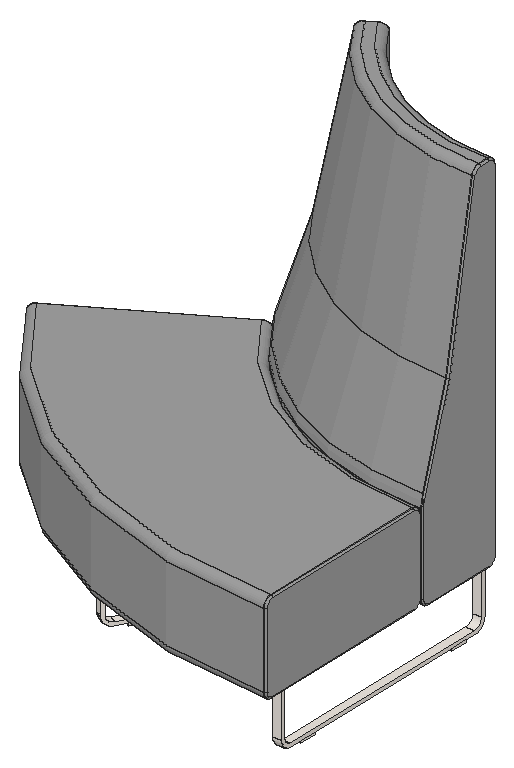
Revit family "Haworth_Riverbend_ConvexBench60_AP_PRELIMINARY", category Furniture, Revit 2018
Family settings
  OmniClass Number = 23.40.70.14.64.21
  OmniClass Title = Systems Furniture
  Work Plane-Based = No
  Always vertical = Yes
  Cut with Voids When Loaded = No
  Shared = No
  Room Calculation Point = No
Parameters (values of type "1480w x 930d x 450h - High Back")
  Width Straight Edge = if(Small, 880 mm, 930 mm)  # 930 mm
  Warranty = "http://www.haworth.com/resources/product-info/warranties"
  URL - Product = "https://www.haworth.com/ap/en/products/sofas-armchairs/riverbend-pebble.html"
  Trim Finish = Haworth _ Paint _ Plaster
  Small = no
  Seat Upholstery Finish [instance] = Haworth _ Fabric _ Tellure _ Steel 3A-39
  Mid Back = not(High Back)  # no
  Model = "SERIVX6F"  # constant formula
  Low = not(High)  # no
  Large = not(Small)  # yes
  High Back = yes
  High = yes
  Description = "Haworth - Riverbend - Convex Bench - 60 Degree"  # constant formula
  URL = "https://www.haworth.com/ap/en.html"
  Size = "Verify Final Dim. w/ Haworth"  # constant formula
  Revision Number = "1"  # constant formula
  Manufacturer = "Haworth"  # constant formula
  Back Upholstery Finish [instance] = Haworth _ Fabric _ Tellure _ Steel 3A-39
  Author = "Haworth (Bentzen, Abd Rahman)"  # constant formula
  Assembly Code = "E2020200"
  Actual Width = 1480 mm  # constant formula
  Actual Height = if(Low, 390 mm, 450 mm)  # 450 mm
  Actual Depth = if(Small, 880 mm, 930 mm)  # 930 mm
Reference planes
  plane 1 "Bottom": z = 0
  plane 2 "Top": z = 450
  plane 3 "Top - Bottom of Chamfer Edge": z = 443.65
  plane 4 "Frame Bottom": z = 176.95
  plane 5 "Bottom - Top of Chamfer Edge": z = 183.3
  plane 6 "Leg Bracket - Bottom": z = 170.6
  plane 7 "Leg Bottom - Top of Bottom": z = 15.875
  plane 8 "Foot - Top of Foot": z = 6.35
  plane 9: through (281.957, 880.204, 1219.2) normal (-0.5, -0.866, 0)
  plane 10 "Right": x = 809.007
  plane 11: through (219.69, 1457.635, 1219.2) normal (0.5, -0.866, 0)
  plane 12: through (49.457, 477.502, 1219.2) normal (-0.5, -0.866, 0)
  plane 13: y = 283.483
  plane 14: through (809.207, 1793.429, 1219.2) normal (0.7071, -0.7071, 0)
  plane 15: z = 431.8
  plane 16: y = 1213.483
  plane 17: y = 1115.333
  plane 18 "revolve_origin": x = 802.657
  plane 19 "revolve_axis": y = 1786.878
  plane 20: through (226.581, 1454.281, 1219.2) normal (-0.866, -0.5, 0)
  plane 21: y = 1454.281
  plane 22: through (514.619, 1287.982, 1219.2) normal (0.866, -0.5, 0)
  plane 23: through (-499.322, 1035.181, 1219.2) normal (0.5, -0.866, 0)
  plane 24: through (470.061, 1210.806, 1219.2) normal (-0.5, -0.866, 0)
  plane 25: through (771.079, 258.983, 1219.2) normal (0.866, -0.5, 0)
  plane 26: through (-510.639, 998.983, 1219.2) normal (0.866, -0.5, 0)
  plane 27: through (1744.294, 572.859, 1219.2) normal (-0.5, -0.866, 0)
  plane 28: y = 560.849
  plane 29: through (318.199, 1252.542, 1219.2) normal (0.5, 0.866, 0)
  plane 30: through (430.396, 1202.429, 1219.2) normal (0.866, -0.5, 0)
  plane 31 "revolve_origin_convex": x = 802.657
  plane 32: through (-502.497, 1040.68, 1219.2) normal (-0.866, -0.5, 0)
Lines and regions (mm)
  Masking region 1
    outline origin (0, 0, 450) x (1, 0, 0) y (0, 1, 0)
      loop
        line (809.007, 283.483) -> (809.007, 1121.683)
        arc (809.007, 1121.683) -> (470.061, 1210.806) -> (223.406, 1459.78) r 665.439
        line (223.406, 1459.78) -> (-502.497, 1040.68)
        arc (-502.497, 1040.68) -> (51.28, 485.456) -> (809.007, 283.483) r 1507.586
  symbolic lines, style "Haworth"
    curve 1: arc (-12.844, 1327.041, 450) -> (333.179, 976.889, 450) -> (809.007, 850.688, 450) r 936.211
Dimensions and locks
  locked: plane 2 "Top" to plane 3 "Top - Bottom of Chamfer Edge" at 6.35
  plane 5 "Bottom - Top of Chamfer Edge" to plane 4 "Frame Bottom" to plane 6 "Leg Bracket - Bottom" = 6.35 mm locked, 6.35 mm locked
  plane 2 "Top" to plane 4 "Frame Bottom" = 273.05 mm
  "Actual Height": plane 2 "Top" to plane 1 "Bottom"
  plane 2 "Top" to plane 1 "Bottom" = 450 mm
  "Actual Width": plane 25 to plane 26
  "Actual Depth": plane 12 to plane 27
  equal spacing: plane 12, plane 9, plane 27
  "Actual Depth": plane 16 to plane 13
  aligned and locked: plane 4 "Frame Bottom" to nested 2
  aligned and locked: plane 4 "Frame Bottom" to nested 4
  aligned and locked: plane 4 "Frame Bottom" to nested 3
  aligned and locked: plane 22 to nested 3
  aligned and locked: plane 22 to nested 1
  aligned and locked: plane 9 to nested 4
  aligned and locked: nested 1 to level
  aligned and locked: nested 4 to curve 1
  aligned and locked: plane 10 "Right" to curve 1
Automatic sketch dimensions
  plane 11 to Masking region 1 sketch curve = 0 mm  (x2)
  plane 32 to Masking region 1 sketch curve = 0 mm
  plane 20 to Masking region 1 sketch curve = 0 mm
  plane 22 to Masking region 1 sketch curve = 0 mm  (x2)
  Masking region 1 sketch curve to plane 10 "Right" = 0 mm
  plane 18 "revolve_origin" to Masking region 1 sketch curve = 0.124 mm
  plane 18 "revolve_origin" to Masking region 1 sketch curve = 2.417 mm
  curve 1 to plane 14 = 0 mm
  curve 1 to plane 18 "revolve_origin" = 0 mm
  plane 16 to curve 1 = 113.558 mm
Nested families
  nested 1: "Haworth_Riverbend_Bench60_Base-PART" at (308.215, 954.104, 0) x (-1, 0, 0) z (0, 0, 1), Trim Finish <- "Trim Finish", type "Base - PART"
    with Trim Finish Haworth _ Paint _ Plaster, Actual Depth 930 mm
  nested 2: "Haworth_Riverbend_ConvexBench60_Large_Seat-PART" at (-8.6, -3.245, -7.2), Seat Upholstery Finish <- "Seat Upholstery Finish", visible <- "Large", type "Seat Large - PART"
    with Seat Upholstery Finish Haworth _ Fabric _ Tellure _ Steel 3A-39
  nested 3: "Haworth_Riverbend_ConvexBench60_Back-PART" at (0, 0, -7.2), Back Upholstery Finish <- "Back Upholstery Finish", type "Back - PART"
    with Back Upholstery Finish Haworth _ Fabric _ Tellure _ Steel 3A-39, Mid Back no, High Back yes
  nested 4: "Haworth_Riverbend_ConvexBench60_Small_Seat-PART" at (-3.17, 1.83, -7.2), Seat Upholstery Finish <- "Seat Upholstery Finish", visible <- "Small", type "Seat Small - PART"
    with Seat Upholstery Finish Haworth _ Fabric _ Tellure _ Steel 3A-39
Definition of nested family "Haworth_Riverbend_Bench60_Base-PART"
  Parameters (values of type "Base - PART")
    Width Straight Edge = 838.2 mm  # constant formula
    Warranty = "http://www.haworth.com/resources/product-info/warranties"
    URL - Product = "http://www.haworth.com/products/seating/sofas/riverbend-pebble"
    Trim Finish [instance] = none
    Model = "Haworth - Riverbend"  # constant formula
    Description = "Haworth - Riverbend - Bench 60 Degree - Base - PART"  # constant formula
    URL = "http://www.haworth.com"
    Size = "Verify Final Dim. w/ Haworth"  # constant formula
    Revision Number = "1"  # constant formula
    Manufacturer = "Haworth"  # constant formula
    Author = "Haworth (Bentzen, Abd Rahman)"  # constant formula
    Assembly Code = "E2020200"
    Actual Width = 1480 mm  # constant formula
    Actual Height = 450 mm
    Actual Depth = 838.2 mm
  Reference planes
    plane 1 "Bottom": z = 0
    plane 2 "Top": z = 450
    plane 3 "Top - Bottom of Chamfer Edge": z = 443.65
    plane 4 "Frame Bottom": z = 176.95
    plane 5 "Bottom - Top of Chamfer Edge": z = 183.3
    plane 6 "Leg Bracket - Bottom": z = 170.6
    plane 7 "Leg Bottom - Top of Bottom": z = 15.875
    plane 8 "Foot - Top of Foot": z = 6.35
    plane 9: through (-44.745, -49.082, 1219.2) normal (0.5, 0.866, 0)
    plane 10: x = -521.282
    plane 11: through (68.034, -539.021, 1219.2) normal (-0.5, 0.866, 0)
    plane 12: through (234.368, 434.356, 1219.2) normal (0.5, 0.866, 0)
    plane 13: y = 635.131
    plane 14: through (-521.483, -874.815, 1219.2) normal (-0.7071, 0.7071, 0)
    plane 15: z = 431.8
    plane 16: y = -203.069
    plane 17: y = -196.719
    plane 18 "revolve_origin": x = -514.932
    plane 19 "revolve_axis": y = -868.265
    plane 20: through (787.046, -116.567, 1219.2) normal (0.866, 0.5, 0)
    plane 21: through (61.144, -535.667, 1219.2) normal (0.866, 0.5, 0)
    plane 22: y = -535.667
    plane 23: through (-226.894, -369.368, 1219.2) normal (-0.866, 0.5, 0)
    plane 24: through (787.046, -116.567, 1219.2) normal (-0.5, 0.866, 0)
    plane 25: through (-182.336, -292.192, 1219.2) normal (0.5, 0.866, 0)
    plane 26: through (-483.354, 659.63, 1219.2) normal (-0.866, 0.5, 0)
    plane 27: through (792.475, -76.97, 1219.2) normal (-0.866, 0.5, 0)
    plane 28: through (-1452.669, 352.509, 1219.2) normal (0.5, 0.866, 0)
    plane 29: y = 357.765
  Forms (mm)
    Extrusion 1, solid, material <- "Trim Finish"
      sketch origin (462.096, -356.54, 0) x (-0.866025, -0.5, 0) y (0, 0, 1)
        loop
          line (-365.606, 170.6) -> (-365.606, 38.1)
          arc (-365.606, 38.1) -> (-356.307, 15.649) -> (-333.856, 6.35) r 31.75
          line (-333.856, 6.35) -> (357.542, 6.35)
          arc (357.542, 6.35) -> (379.993, 15.649) -> (389.292, 38.1) r 31.75
          line (389.292, 38.1) -> (389.292, 170.6) -> (379.761, 170.6) -> (379.761, 41.275)
          arc (379.761, 41.275) -> (372.321, 23.314) -> (354.361, 15.875) r 25.4
          line (354.361, 15.875) -> (-330.681, 15.875)
          arc (-330.681, 15.875) -> (-348.642, 23.314) -> (-356.081, 41.275) r 25.4
          line (-356.081, 41.275) -> (-356.081, 170.6) -> (-365.606, 170.6)
      from 87.4 to 112.8
    Extrusion 2, solid, material <- "Trim Finish"
      sketch origin (1483.16, 297.823, 457.2) x (-0.5, 0.866025, 0) y (-0.866025, -0.5, 0)
        loop
          line (31.238, 915.768) -> (56.637, 915.768) -> (56.637, 966.568) -> (31.238, 966.568) -> (31.238, 915.768)
      from -457.2 to -450.85
    Extrusion 3, solid, material <- "Trim Finish"
      sketch origin (1533.414, 326.837, 457.2) x (-0.5, 0.866025, 0) y (-0.866025, -0.5, 0)
        loop
          line (31.238, 1588.838) -> (31.238, 1538.038) -> (56.637, 1538.038) -> (56.637, 1588.838) -> (31.238, 1588.838)
      from -457.2 to -450.85
    Extrusion 4, solid, material <- "Trim Finish"
      sketch origin (1483.16, 297.823, 457.2) x (-0.5, 0.866025, 0) y (-0.866025, -0.5, 0)
        loop
          line (20.735, 845.843) -> (81.06, 845.843) -> (81.06, 906.168) -> (20.735, 906.168) -> (20.735, 845.843)
      from -286.6 to -280.25
    Extrusion 5, solid, material <- "Trim Finish"
      sketch origin (1972.532, 580.362, 457.2) x (-0.5, 0.866025, 0) y (-0.866025, -0.5, 0)
        loop
          line (20.735, 2165.819) -> (20.735, 2105.488) -> (81.06, 2105.488) -> (81.06, 2165.819) -> (20.735, 2165.819)
      from -286.6 to -280.25
    Extrusion 6, solid, material <- "Trim Finish"
      sketch origin (-564.433, 236.127, 0) x (0, -1, 0) y (0, 0, -1)
        loop
          line (-359.214, -170.6) -> (-349.689, -170.6) -> (-349.689, -41.275)
          arc (-349.689, -41.275) -> (-342.25, -23.314) -> (-324.289, -15.875) r 25.4
          line (-324.289, -15.875) -> (354.361, -15.875)
          arc (354.361, -15.875) -> (372.321, -23.314) -> (379.761, -41.275) r 25.4
          line (379.761, -41.275) -> (379.761, -170.6) -> (389.292, -170.6) -> (389.292, -38.1)
          arc (389.292, -38.1) -> (379.993, -15.649) -> (357.542, -6.35) r 31.75
          line (357.542, -6.35) -> (-327.464, -6.35)
          arc (-327.464, -6.35) -> (-349.915, -15.649) -> (-359.214, -38.1) r 31.75
          line (-359.214, -38.1) -> (-359.214, -170.6)
      from 87.4 to 112.8
    Extrusion 7, solid, material <- "Trim Finish"
      sketch origin (-508.27, 1447.576, 457.2) x (1, 0, 0) y (0, 1, 0)
        loop
          line (31.238, -922.16) -> (31.238, -972.96) -> (56.637, -972.96) -> (56.637, -922.16) -> (31.238, -922.16)
      from -457.2 to -450.85
    Extrusion 8, solid, material <- "Trim Finish"
      sketch origin (-508.27, 1505.604, 457.2) x (1, 0, 0) y (0, 1, 0)
        loop
          line (31.238, -1588.838) -> (56.637, -1588.838) -> (56.637, -1538.038) -> (31.238, -1538.038) -> (31.238, -1588.838)
      from -457.2 to -450.85
    Extrusion 9, solid, material <- "Trim Finish"
      sketch origin (-508.27, 1447.576, 457.2) x (1, 0, 0) y (0, 1, 0)
        loop
          line (31.238, -852.235) -> (31.238, -912.56) -> (91.562, -912.56) -> (91.562, -852.235) -> (31.238, -852.235)
      from -286.6 to -280.25
    Extrusion 10, solid, material <- "Trim Finish"
      sketch origin (-508.27, 2012.654, 457.2) x (1, 0, 0) y (0, 1, 0)
        loop
          line (31.238, -2165.819) -> (91.562, -2165.819) -> (91.562, -2105.488) -> (31.238, -2105.488) -> (31.238, -2165.819)
      from -286.6 to -280.25
    Extrusion 11, solid, material <- "Trim Finish"
      sketch origin (161.977, 483.771, 0) x (-0.5, -0.866025, 0) y (0, 0, -1)
        loop
          line (46.386, -170.6) -> (55.911, -170.6) -> (55.911, -41.275)
          arc (55.911, -41.275) -> (63.35, -23.314) -> (81.311, -15.875) r 25.4
          line (81.311, -15.875) -> (354.361, -15.875)
          arc (354.361, -15.875) -> (372.321, -23.314) -> (379.761, -41.275) r 25.4
          line (379.761, -41.275) -> (379.761, -170.6) -> (389.286, -170.6) -> (389.286, -38.1)
          arc (389.286, -38.1) -> (379.987, -15.649) -> (357.536, -6.35) r 31.75
          line (357.536, -6.35) -> (78.136, -6.35)
          arc (78.136, -6.35) -> (55.685, -15.649) -> (46.386, -38.1) r 31.75
          line (46.386, -38.1) -> (46.386, -170.6)
      from 87.4 to 112.8
    Extrusion 12, solid, material <- "Trim Finish"
      sketch origin (613.54, 1153.576, 457.2) x (0.866025, -0.5, 0) y (0.5, 0.866025, 0)
        loop
          line (31.238, -922.16) -> (31.238, -972.96) -> (56.637, -972.96) -> (56.637, -922.16) -> (31.238, -922.16)
      from -457.2 to -450.85
    Extrusion 13, solid, material <- "Trim Finish"
      sketch origin (845.354, 1555.089, 457.2) x (0.866025, -0.5, 0) y (0.5, 0.866025, 0)
        loop
          line (31.238, -1588.838) -> (56.637, -1588.838) -> (56.637, -1538.038) -> (31.238, -1538.038) -> (31.238, -1588.838)
      from -457.2 to -450.85
    Extrusion 14, solid, material <- "Trim Finish"
      sketch origin (613.54, 1153.576, 457.2) x (0.866025, -0.5, 0) y (0.5, 0.866025, 0)
        loop
          line (31.238, -852.235) -> (31.238, -912.56) -> (91.562, -912.56) -> (91.562, -852.235) -> (31.238, -852.235)
      from -286.6 to -280.25
    Extrusion 15, solid, material <- "Trim Finish"
      sketch origin (1098.879, 1994.208, 457.2) x (0.866025, -0.5, 0) y (0.5, 0.866025, 0)
        loop
          line (31.238, -2165.813) -> (91.562, -2165.813) -> (91.562, -2105.488) -> (31.238, -2105.488) -> (31.238, -2165.813)
      from -286.6 to -280.25
  Lines and regions (mm)
    Masking region 1
      outline origin (0, 0, 450) x (-1, 0, 0) y (0, -1, 0)
        loop
          line (451.633, 118.234) -> (451.633, -560.416) -> (477.033, -560.416) -> (477.033, 118.234) -> (451.633, 118.234)
        loop
          line (-82.484, -120.486) -> (-219.009, -356.954) -> (-197.012, -369.654) -> (-60.487, -133.186) -> (-82.484, -120.486)
        loop
          line (-692.075, 93.512) -> (-98.811, 436.033) -> (-111.511, 458.03) -> (-704.775, 115.509) -> (-692.075, 93.512)
  Dimensions and locks
    locked: plane 2 "Top" to plane 3 "Top - Bottom of Chamfer Edge" at 6.35
    plane 2 "Top" to plane 4 "Frame Bottom" = 273.05 mm
    "Actual Height": plane 2 "Top" to plane 1 "Bottom"
    plane 2 "Top" to plane 1 "Bottom" = 450 mm
    Extrusion 1 sketch curve to Extrusion 1 sketch curve = 9.525 mm  (x2)
    Extrusion 1 sketch curve to Extrusion 1 sketch curve = 9.531 mm
    Extrusion 6 sketch curve to Extrusion 6 sketch curve = 9.525 mm  (x2)
    Extrusion 6 sketch curve to Extrusion 6 sketch curve = 9.531 mm
    Extrusion 11 sketch curve to Extrusion 11 sketch curve = 9.525 mm  (x3)
    plane 26 to plane 27 = 1473.2 mm
    plane 12 to plane 28 = 914.4 mm
    "Actual Depth": plane 16 to plane 13
    plane 5 "Bottom - Top of Chamfer Edge" to plane 4 "Frame Bottom" to plane 6 "Leg Bracket - Bottom" = 6.35 mm locked, 6.35 mm locked
    aligned and locked: Extrusion 3 to plane 1 "Bottom"
    aligned and locked: Extrusion 3 to plane 8 "Foot - Top of Foot"
    aligned and locked: Extrusion 2 to plane 8 "Foot - Top of Foot"
    aligned and locked: Extrusion 2 to plane 1 "Bottom"
    aligned and locked: plane 6 "Leg Bracket - Bottom" to Extrusion 1  (x2)
    aligned and locked: Extrusion 1 to plane 7 "Leg Bottom - Top of Bottom"
    aligned and locked: plane 8 "Foot - Top of Foot" to Extrusion 1
    aligned and locked: Extrusion 5 to plane 6 "Leg Bracket - Bottom"
    aligned and locked: plane 4 "Frame Bottom" to Extrusion 5
    aligned and locked: Extrusion 4 to plane 6 "Leg Bracket - Bottom"
    aligned and locked: plane 4 "Frame Bottom" to Extrusion 4
    aligned and locked: Extrusion 10 to plane 6 "Leg Bracket - Bottom"
    aligned and locked: plane 4 "Frame Bottom" to Extrusion 10
    aligned and locked: Extrusion 9 to plane 6 "Leg Bracket - Bottom"
    aligned and locked: plane 4 "Frame Bottom" to Extrusion 9
    aligned and locked: Extrusion 15 to plane 6 "Leg Bracket - Bottom"
    aligned and locked: plane 4 "Frame Bottom" to Extrusion 15
    aligned and locked: Extrusion 14 to plane 6 "Leg Bracket - Bottom"
    aligned and locked: plane 4 "Frame Bottom" to Extrusion 14
  Automatic sketch dimensions
    plane 6 "Leg Bracket - Bottom" to Extrusion 1 sketch curve = 0 mm  (x2)
    Extrusion 1 sketch curve to plane 8 "Foot - Top of Foot" = 0 mm
    Extrusion 1 sketch curve to plane 7 "Leg Bottom - Top of Bottom" = 22.225 mm
    Extrusion 1 sketch curve to plane 20 = 35.795 mm
    Extrusion 1 sketch curve to Extrusion 1 sketch curve = 3.175 mm
    Extrusion 1 sketch curve to plane 7 "Leg Bottom - Top of Bottom" = 25.4 mm
    plane 21 to Extrusion 1 sketch curve = 82.437 mm
    Extrusion 1 sketch curve to Extrusion 1 sketch curve = 3.181 mm
    Extrusion 2 sketch curve to plane 24 = 42.052 mm
    Extrusion 2 sketch curve to Extrusion 2 sketch curve = 25.4 mm
    Extrusion 2 sketch curve to plane 20 = 105.72 mm
    Extrusion 2 sketch curve to Extrusion 2 sketch curve = 50.8 mm
    Extrusion 3 sketch curve to plane 24 = 42.052 mm
    Extrusion 3 sketch curve to Extrusion 3 sketch curve = 25.4 mm
    plane 21 to Extrusion 3 sketch curve = 168.237 mm
    Extrusion 3 sketch curve to Extrusion 3 sketch curve = 50.8 mm
    Extrusion 4 sketch curve to plane 24 = 31.55 mm
    Extrusion 4 sketch curve to Extrusion 4 sketch curve = 60.325 mm  (x2)
    Extrusion 4 sketch curve to plane 20 = 35.795 mm
    Extrusion 5 sketch curve to plane 24 = 31.55 mm
    Extrusion 5 sketch curve to Extrusion 5 sketch curve = 60.325 mm
    plane 21 to Extrusion 5 sketch curve = 107.837 mm
    plane 21 to Extrusion 5 sketch curve = 47.506 mm
    Extrusion 6 sketch curve to plane 6 "Leg Bracket - Bottom" = 0 mm  (x2)
    plane 8 "Foot - Top of Foot" to Extrusion 6 sketch curve = 0 mm
    Extrusion 6 sketch curve to plane 7 "Leg Bottom - Top of Bottom" = 22.225 mm
    plane 13 to Extrusion 6 sketch curve = 39.79 mm
    Extrusion 6 sketch curve to Extrusion 6 sketch curve = 3.175 mm
    Extrusion 6 sketch curve to plane 7 "Leg Bottom - Top of Bottom" = 25.4 mm
    Extrusion 6 sketch curve to plane 17 = 78.485 mm
    Extrusion 6 sketch curve to Extrusion 6 sketch curve = 3.181 mm
    Extrusion 7 sketch curve to plane 18 "revolve_origin" = 37.9 mm
    Extrusion 7 sketch curve to Extrusion 7 sketch curve = 25.4 mm
    Extrusion 7 sketch curve to plane 29 = 116.851 mm
    Extrusion 7 sketch curve to Extrusion 7 sketch curve = 50.8 mm
    Extrusion 8 sketch curve to plane 18 "revolve_origin" = 37.9 mm
    Extrusion 8 sketch curve to Extrusion 8 sketch curve = 25.4 mm
    Extrusion 8 sketch curve to plane 17 = 113.485 mm
    Extrusion 8 sketch curve to Extrusion 8 sketch curve = 50.8 mm
    Extrusion 9 sketch curve to plane 18 "revolve_origin" = 37.9 mm
    Extrusion 9 sketch curve to Extrusion 9 sketch curve = 60.325 mm
    plane 13 to Extrusion 9 sketch curve = 100.115 mm
    plane 13 to Extrusion 9 sketch curve = 39.79 mm
    Extrusion 10 sketch curve to plane 18 "revolve_origin" = 37.9 mm
    Extrusion 10 sketch curve to Extrusion 10 sketch curve = 60.325 mm
    Extrusion 10 sketch curve to plane 17 = 43.554 mm
    Extrusion 10 sketch curve to Extrusion 10 sketch curve = 60.331 mm
    Extrusion 11 sketch curve to plane 6 "Leg Bracket - Bottom" = 0 mm  (x2)
    plane 8 "Foot - Top of Foot" to Extrusion 11 sketch curve = 0 mm
    Extrusion 11 sketch curve to plane 7 "Leg Bottom - Top of Bottom" = 22.225 mm
    Extrusion 11 sketch curve to plane 12 = 39.787 mm
    Extrusion 11 sketch curve to Extrusion 11 sketch curve = 3.175 mm  (x2)
    Extrusion 11 sketch curve to plane 7 "Leg Bottom - Top of Bottom" = 25.4 mm
    plane 9 to Extrusion 11 sketch curve = 210.465 mm
    plane 23 to Extrusion 12 sketch curve = 2.398 mm
    Extrusion 12 sketch curve to plane 23 = 23.002 mm
    Extrusion 12 sketch curve to plane 12 = 160.512 mm
    Extrusion 12 sketch curve to Extrusion 12 sketch curve = 50.8 mm
    plane 23 to Extrusion 13 sketch curve = 2.398 mm
    Extrusion 13 sketch curve to plane 23 = 23.002 mm
    plane 9 to Extrusion 13 sketch curve = 245.465 mm
    Extrusion 13 sketch curve to Extrusion 13 sketch curve = 50.8 mm
    plane 23 to Extrusion 14 sketch curve = 2.398 mm
    Extrusion 14 sketch curve to plane 23 = 57.927 mm
    Extrusion 14 sketch curve to plane 12 = 100.112 mm
    Extrusion 14 sketch curve to plane 12 = 39.787 mm
    plane 23 to Extrusion 15 sketch curve = 2.398 mm
    Extrusion 15 sketch curve to plane 23 = 57.927 mm
    plane 9 to Extrusion 15 sketch curve = 175.54 mm
    Extrusion 15 sketch curve to Extrusion 15 sketch curve = 60.325 mm
    Masking region 1 sketch curve to plane 18 "revolve_origin" = 63.3 mm
    Masking region 1 sketch curve to Masking region 1 sketch curve = 25.4 mm
    plane 13 to Masking region 1 sketch curve = 74.715 mm
    Masking region 1 sketch curve to plane 17 = 78.485 mm
    plane 29 to Masking region 1 sketch curve = 224.579 mm
    Masking region 1 sketch curve to Masking region 1 sketch curve = 512.12 mm
    plane 29 to Masking region 1 sketch curve = 237.279 mm
    Masking region 1 sketch curve to Masking region 1 sketch curve = 21.997 mm
    Masking region 1 sketch curve to plane 29 = 11.889 mm
    Masking region 1 sketch curve to plane 17 = 103.208 mm
    Masking region 1 sketch curve to Masking region 1 sketch curve = 609.59 mm
    Masking region 1 sketch curve to plane 17 = 81.211 mm
    Masking region 1 sketch curve to Masking region 1 sketch curve = 12.7 mm
    plane 22 to Masking region 1 sketch curve = 77.637 mm
Definition of nested family "Haworth_Riverbend_ConvexBench60_Large_Seat-PART"
  Parameters (values of type "Seat Large - PART")
    Width Straight Edge = 930 mm  # constant formula
    Warranty = "http://www.haworth.com/resources/product-info/warranties"
    URL - Product = "http://www.haworth.com/products/seating/sofas/riverbend-pebble"
    Seat Upholstery Finish [instance] = none
    Model = "Haworth - Riverbend"  # constant formula
    Description = "Haworth - Riverbend - Convex Bench - 60 Degree - Seat Large - PART"  # constant formula
    URL = "http://www.haworth.com"
    Size = "Verify Final Dim. w/ Haworth"  # constant formula
    Revision Number = "1"  # constant formula
    Manufacturer = "Haworth"  # constant formula
    Author = "Haworth (Bentzen, Abd Rahman)"  # constant formula
    Assembly Code = "E2020200"
    Actual Width = 1480 mm  # constant formula
    Actual Height = 457.2 mm  # constant formula
    Actual Depth = 930 mm  # constant formula
  Reference planes
    plane 1 "Bottom": z = 0
    plane 2 "Top": z = 457.2
    plane 3 "Top - Bottom of Chamfer Edge": z = 450.85
    plane 4 "Frame Bottom": z = 184.15
    plane 5 "Bottom - Top of Chamfer Edge": z = 190.5
    plane 6 "Leg Bracket - Bottom": z = 177.8
    plane 7 "Leg Bottom - Top of Bottom": z = 15.875
    plane 8 "Foot - Top of Foot": z = 6.35
    plane 9: through (281.957, 880.204, 1219.2) normal (-0.5, -0.866, 0)
    plane 10 "Right": x = 809.007
    plane 11: through (219.69, 1457.635, 1219.2) normal (0.5, -0.866, 0)
    plane 12: through (49.457, 477.502, 1219.2) normal (-0.5, -0.866, 0)
    plane 13: y = 283.483
    plane 14: through (809.207, 1793.429, 1219.2) normal (0.7071, -0.7071, 0)
    plane 15: z = 431.8
    plane 16: y = 1213.483
    plane 17: y = 1115.333
    plane 18 "revolve_origin": x = 802.657
    plane 19 "revolve_axis": y = 1786.878
    plane 20: through (226.581, 1454.281, 1219.2) normal (-0.866, -0.5, 0)
    plane 21: y = 1454.281
    plane 22: through (514.619, 1287.982, 1219.2) normal (0.866, -0.5, 0)
    plane 23: through (-499.322, 1035.181, 1219.2) normal (0.5, -0.866, 0)
    plane 24: through (470.061, 1210.806, 1219.2) normal (-0.5, -0.866, 0)
    plane 25: through (771.079, 258.983, 1219.2) normal (0.866, -0.5, 0)
    plane 26: through (-510.639, 998.983, 1219.2) normal (0.866, -0.5, 0)
    plane 27: through (1744.294, 572.859, 1219.2) normal (-0.5, -0.866, 0)
    plane 28: y = 560.849
    plane 29: through (318.199, 1252.542, 1219.2) normal (0.5, 0.866, 0)
    plane 30: through (430.396, 1202.429, 1219.2) normal (0.866, -0.5, 0)
    plane 31 "revolve_origin_convex": x = 802.657
    plane 32: through (-502.497, 1040.68, 1219.2) normal (-0.866, -0.5, 0)
  Forms (mm)
    Blend 1, solid, material <- "Seat Upholstery Finish"
      base sketch origin (809.007, 1491.563, 0) x (0, 1, 0) y (0, 0, 1)
        loop
          arc (-1182.68, 450.85) -> (-1196.15, 445.27) -> (-1201.73, 431.8) r 19.05
          line (-1201.73, 431.8) -> (-1201.73, 209.55)
          arc (-1201.73, 209.55) -> (-1196.15, 196.08) -> (-1182.68, 190.5) r 19.05
          line (-1182.68, 190.5) -> (-658.48, 190.5)
          arc (-658.48, 190.5) -> (-645.01, 196.08) -> (-639.43, 209.55) r 19.05
          line (-639.43, 209.55) -> (-639.43, 431.8)
          arc (-639.43, 431.8) -> (-645.01, 445.27) -> (-658.48, 450.85) r 19.05
          line (-658.48, 450.85) -> (-1182.68, 450.85)
      top sketch origin (809.007, 1491.563, 0) x (0, 1, 0) y (0, 0, 1)
        loop
          arc (-1182.68, 457.2) -> (-1200.641, 449.761) -> (-1208.08, 431.8) r 25.4
          line (-1208.08, 431.8) -> (-1208.08, 209.55)
          arc (-1208.08, 209.55) -> (-1200.641, 191.589) -> (-1182.68, 184.15) r 25.4
          line (-1182.68, 184.15) -> (-658.48, 184.15)
          arc (-658.48, 184.15) -> (-640.52, 191.589) -> (-633.08, 209.55) r 25.4
          line (-633.08, 209.55) -> (-633.08, 431.8)
          arc (-633.08, 431.8) -> (-640.52, 449.761) -> (-658.48, 457.2) r 25.4
          line (-658.48, 457.2) -> (-1182.68, 457.2)
      from 0 to -6.35
    Revolve 2, solid, material <- "Seat Upholstery Finish"
      sketch origin (802.657, 0, 0) x (0, -1, 0) y (0, 0, 1)
        loop
          arc (-833.083, 457.2) -> (-851.043, 449.761) -> (-858.483, 431.8) r 25.4
          line (-858.483, 431.8) -> (-858.483, 209.55)
          arc (-858.483, 209.55) -> (-851.043, 191.589) -> (-833.083, 184.15) r 25.4
          line (-833.083, 184.15) -> (-308.883, 184.15)
          arc (-308.883, 184.15) -> (-290.922, 191.589) -> (-283.483, 209.55) r 25.4
          line (-283.483, 209.55) -> (-283.483, 431.8)
          arc (-283.483, 431.8) -> (-290.922, 449.761) -> (-308.883, 457.2) r 25.4
          line (-308.883, 457.2) -> (-833.083, 457.2)
        axis (-1786.878, 457.2) -> (-1786.878, 184.15)
      angle from 0 to -60
    Blend 3, solid, material <- "Seat Upholstery Finish"
      base sketch origin (543.731, 1644.72, 0) x (0.866025, 0.5, 0) y (0, 0, -1)
        loop
          line (-1182.68, -450.85) -> (-658.48, -450.85)
          arc (-658.48, -450.85) -> (-645.01, -445.27) -> (-639.43, -431.8) r 19.05
          line (-639.43, -431.8) -> (-639.43, -209.55)
          arc (-639.43, -209.55) -> (-645.01, -196.08) -> (-658.48, -190.5) r 19.05
          line (-658.48, -190.5) -> (-1182.68, -190.5)
          arc (-1182.68, -190.5) -> (-1196.15, -196.08) -> (-1201.73, -209.55) r 19.05
          line (-1201.73, -209.55) -> (-1201.73, -431.8)
          arc (-1201.73, -431.8) -> (-1196.15, -445.27) -> (-1182.68, -450.85) r 19.05
      top sketch origin (543.731, 1644.72, 0) x (0.866025, 0.5, 0) y (0, 0, -1)
        loop
          line (-1182.68, -457.2) -> (-658.48, -457.2)
          arc (-658.48, -457.2) -> (-640.52, -449.761) -> (-633.08, -431.8) r 25.4
          line (-633.08, -431.8) -> (-633.08, -209.55)
          arc (-633.08, -209.55) -> (-640.52, -191.589) -> (-658.48, -184.15) r 25.4
          line (-658.48, -184.15) -> (-1182.68, -184.15)
          arc (-1182.68, -184.15) -> (-1200.641, -191.589) -> (-1208.08, -209.55) r 25.4
          line (-1208.08, -209.55) -> (-1208.08, -431.8)
          arc (-1208.08, -431.8) -> (-1200.641, -449.761) -> (-1182.68, -457.2) r 25.4
      from 0 to -6.35
  Lines and regions (mm)
    Masking region 1
      outline origin (0, 0, 457.2) x (1, 0, 0) y (0, 1, 0)
        loop
          line (809.007, 283.483) -> (809.007, 852.133)
          arc (809.007, 852.133) -> (339.46, 984.598) -> (-10.031, 1325.005) r 991.296
          line (-10.031, 1325.005) -> (-502.497, 1040.68)
          arc (-502.497, 1040.68) -> (51.28, 485.456) -> (809.007, 283.483) r 1507.586
  Dimensions and locks
    locked: plane 2 "Top" to plane 3 "Top - Bottom of Chamfer Edge" at 6.35
    locked: plane 5 "Bottom - Top of Chamfer Edge" to plane 4 "Frame Bottom" at 6.35
    plane 2 "Top" to plane 4 "Frame Bottom" = 273.05 mm
    "Actual Height": plane 2 "Top" to plane 1 "Bottom"
    plane 2 "Top" to plane 1 "Bottom" = 457.2 mm
    "Actual Width": plane 25 to plane 26
    "Actual Depth": plane 12 to plane 27
    equal spacing: plane 12, plane 9, plane 27
    "Actual Depth": plane 16 to plane 13
  Automatic sketch dimensions
    Blend 1 sketch curve to plane 15 = 0 mm  (x4)
    Blend 1 sketch curve to plane 3 "Top - Bottom of Chamfer Edge" = 0 mm
    Blend 1 sketch curve to plane 5 "Bottom - Top of Chamfer Edge" = 0 mm
    plane 13 to Blend 1 sketch curve = 6.35 mm
    plane 13 to Blend 1 sketch curve = 25.4 mm  (x2)
    plane 5 "Bottom - Top of Chamfer Edge" to Blend 1 sketch curve = 19.05 mm
    plane 28 to Blend 1 sketch curve = 272.234 mm  (x2)
    Blend 1 sketch curve to plane 13 = 0 mm
    Blend 1 sketch curve to plane 4 "Frame Bottom" = 0 mm
    Blend 1 sketch curve to plane 2 "Top" = 0 mm
    Blend 1 sketch curve to Blend 1 sketch curve = 25.4 mm
    Revolve 2 sketch curve to plane 19 "revolve_axis" = 0 mm
    plane 15 to Revolve 2 sketch curve = 0 mm  (x2)
    Revolve 2 sketch curve to plane 2 "Top" = 0 mm
    Revolve 2 sketch curve to plane 4 "Frame Bottom" = 0 mm
    Revolve 2 sketch curve to plane 13 = 0 mm
    plane 5 "Bottom - Top of Chamfer Edge" to Revolve 2 sketch curve = 19.05 mm
    Revolve 2 sketch curve to plane 17 = 256.85 mm
    plane 13 to Revolve 2 sketch curve = 25.4 mm
    plane 2 "Top" to Revolve 2 sketch curve = 127 mm
    Revolve 2 sketch curve to Revolve 2 sketch curve = 457.2 mm
    plane 15 to Blend 3 sketch curve = 0 mm  (x4)
    plane 3 "Top - Bottom of Chamfer Edge" to Blend 3 sketch curve = 0 mm
    plane 5 "Bottom - Top of Chamfer Edge" to Blend 3 sketch curve = 0 mm
    Blend 3 sketch curve to plane 32 = 6.35 mm
    Blend 3 sketch curve to plane 32 = 25.4 mm  (x2)
    plane 5 "Bottom - Top of Chamfer Edge" to Blend 3 sketch curve = 19.05 mm
    plane 20 to Blend 3 sketch curve = 288.6 mm  (x2)
    Blend 3 sketch curve to plane 32 = 0 mm
    plane 4 "Frame Bottom" to Blend 3 sketch curve = 0 mm
    plane 2 "Top" to Blend 3 sketch curve = 0 mm
    Blend 3 sketch curve to Blend 3 sketch curve = 25.4 mm
    plane 11 to Masking region 1 sketch curve = 0 mm  (x2)
    plane 32 to Masking region 1 sketch curve = 0 mm
    plane 22 to Masking region 1 sketch curve = 0 mm  (x2)
    Masking region 1 sketch curve to plane 10 "Right" = 0 mm
    plane 21 to Masking region 1 sketch curve = 129.276 mm
    plane 18 "revolve_origin" to Masking region 1 sketch curve = 2.417 mm
    Masking region 1 sketch curve to plane 10 "Right" = 26.101 mm
Definition of nested family "Haworth_Riverbend_ConvexBench60_Back-PART"
  Parameters (values of type "Back - PART")
    Width Straight Edge = Actual Depth  # 838.2 mm
    Warranty = "http://www.haworth.com/resources/product-info/warranties"
    URL - Product = "http://www.haworth.com/products/seating/sofas/riverbend-pebble"
    Mid Back = yes
    Model = "Haworth - Riverbend"  # constant formula
    High Back = no
    Description = "Haworth - Riverbend - Convex Bench - 60 Degree - Back - PART"  # constant formula
    URL = "http://www.haworth.com"
    Size = "Verify Final Dim. w/ Haworth"  # constant formula
    Revision Number = "1"  # constant formula
    Manufacturer = "Haworth"  # constant formula
    Back Upholstery Finish [instance] = none
    Author = "Haworth (Bentzen, Abd Rahman)"  # constant formula
    Assembly Code = "E2020200"
    Actual Width = 1480 mm  # constant formula
    Actual Height = 457.2 mm  # constant formula
    Actual Depth = 838.2 mm
  Reference planes
    plane 1 "Bottom": z = 0
    plane 2 "Top": z = 457.2
    plane 3 "Top - Bottom of Chamfer Edge": z = 450.85
    plane 4 "Frame Bottom": z = 184.15
    plane 5 "Bottom - Top of Chamfer Edge": z = 190.5
    plane 6 "Leg Bracket - Bottom": z = 177.8
    plane 7 "Leg Bottom - Top of Bottom": z = 15.875
    plane 8 "Foot - Top of Foot": z = 6.35
    plane 9: through (281.957, 880.204, 1219.2) normal (-0.5, -0.866, 0)
    plane 10 "Right": x = 809.007
    plane 11: through (219.69, 1457.635, 1219.2) normal (0.5, -0.866, 0)
    plane 12: through (53.357, 484.257, 1219.2) normal (-0.5, -0.866, 0)
    plane 13: y = 283.483
    plane 14: through (809.207, 1793.429, 1219.2) normal (0.7071, -0.7071, 0)
    plane 15: z = 431.8
    plane 16: y = 1121.683
    plane 17: y = 1115.333
    plane 18 "revolve_origin": x = 802.657
    plane 19 "revolve_axis": y = 1786.878
    plane 20: through (226.581, 1454.281, 1219.2) normal (-0.866, -0.5, 0)
    plane 21: y = 1454.281
    plane 22: through (514.619, 1287.982, 1219.2) normal (0.866, -0.5, 0)
    plane 23: through (-499.322, 1035.181, 1219.2) normal (0.5, -0.866, 0)
    plane 24: through (470.061, 1210.806, 1219.2) normal (-0.5, -0.866, 0)
    plane 25: through (771.079, 258.983, 1219.2) normal (0.866, -0.5, 0)
    plane 26: through (-510.639, 998.983, 1219.2) normal (0.866, -0.5, 0)
    plane 27: through (1740.394, 566.104, 1219.2) normal (-0.5, -0.866, 0)
    plane 28: y = 560.849
    plane 29: through (318.199, 1252.542, 1219.2) normal (0.5, 0.866, 0)
    plane 30: through (430.396, 1202.429, 1219.2) normal (0.866, -0.5, 0)
    plane 31 "revolve_origin_convex": x = 802.657
    plane 32: through (-502.497, 1040.68, 1219.2) normal (-0.866, -0.5, 0)
  Forms (mm)
    Blend 1, solid, material <- "Back Upholstery Finish", visible <- "High Back"
      base sketch origin (-577.432, 2186.212, -169.305) x (0.866025, 0.5, 0) y (0, 0, -1)
        loop
          line (330.33, -1412.935) -> (330.33, -378.855)
          arc (330.33, -378.855) -> (322.89, -360.895) -> (304.93, -353.455) r 25.4
          line (304.93, -353.455) -> (84.714, -353.455)
          arc (84.714, -353.455) -> (66.753, -360.895) -> (59.314, -378.855) r 25.4
          line (59.314, -378.855) -> (59.314, -617.447)
          arc (59.314, -617.447) -> (61.571, -636.186) -> (66.102, -654.509) r 154.13
          line (66.102, -654.509) -> (151.096, -925.723) -> (246.617, -1418.173)
          arc (246.617, -1418.173) -> (255.635, -1433.341) -> (272.242, -1439.305) r 26.102
          line (272.242, -1439.305) -> (303.96, -1439.305)
          arc (303.96, -1439.305) -> (322.606, -1431.582) -> (330.33, -1412.935) r 26.37
      top sketch origin (-577.432, 2186.212, -169.305) x (0.866025, 0.5, 0) y (0, 0, -1)
        loop
          arc (303.96, -1432.955) -> (318.116, -1427.091) -> (323.98, -1412.935) r 20.02
          line (323.98, -1412.935) -> (323.98, -378.855)
          arc (323.98, -378.855) -> (318.4, -365.385) -> (304.93, -359.805) r 19.05
          line (304.93, -359.805) -> (82.893, -359.805)
          arc (82.893, -359.805) -> (69.422, -365.385) -> (63.843, -378.855) r 19.05
          line (63.843, -378.855) -> (63.843, -626.065) -> (157.262, -924.164) -> (252.851, -1416.964)
          arc (252.851, -1416.964) -> (259.675, -1428.442) -> (272.242, -1432.955) r 19.752
          line (272.242, -1432.955) -> (303.96, -1432.955)
      from -1035.878 to -1029.528
    Revolve 2, solid, material <- "Back Upholstery Finish", visible <- "High Back"
      sketch origin (802.657, 0, 0) x (0, -1, 0) y (0, 0, 1)
        loop
          line (-1121.683, 1243.63) -> (-1121.683, 209.55)
          arc (-1121.683, 209.55) -> (-1114.243, 191.589) -> (-1096.283, 184.15) r 25.4
          line (-1096.283, 184.15) -> (-876.067, 184.15)
          arc (-876.067, 184.15) -> (-858.106, 191.589) -> (-850.667, 209.55) r 25.4
          line (-850.667, 209.55) -> (-850.667, 448.142)
          arc (-850.667, 448.142) -> (-852.924, 466.881) -> (-857.455, 485.204) r 154.13
          line (-857.455, 485.204) -> (-942.449, 756.418) -> (-1037.97, 1248.868)
          arc (-1037.97, 1248.868) -> (-1046.988, 1264.036) -> (-1063.595, 1270) r 26.102
          line (-1063.595, 1270) -> (-1095.313, 1270)
          arc (-1095.313, 1270) -> (-1113.959, 1262.276) -> (-1121.683, 1243.63) r 26.37
        axis (-1786.878, 1270) -> (-1786.878, 184.15)
      angle from 0 to -60
    Revolve 3, solid, material <- "Back Upholstery Finish", visible <- "Mid Back"
      sketch origin (802.657, 0, 0) x (0, -1, 0) y (0, 0, 1)
        loop
          line (-988.891, 787.4) -> (-1071.683, 787.4)
          arc (-1071.683, 787.4) -> (-1107.038, 772.755) -> (-1121.683, 737.4) r 50
          line (-1121.683, 737.4) -> (-1121.683, 209.55)
          arc (-1121.683, 209.55) -> (-1114.243, 191.589) -> (-1096.283, 184.15) r 25.4
          line (-1096.283, 184.15) -> (-876.067, 184.15)
          arc (-876.067, 184.15) -> (-858.106, 191.589) -> (-850.667, 209.55) r 25.4
          line (-850.667, 209.55) -> (-850.667, 448.142)
          arc (-850.667, 448.142) -> (-852.924, 466.881) -> (-857.455, 485.204) r 154.13
          line (-857.455, 485.204) -> (-941.173, 752.348)
          arc (-941.173, 752.348) -> (-959.287, 777.695) -> (-988.891, 787.4) r 50.006
        axis (-1786.878, 787.4) -> (-1786.878, 184.15)
      angle from 0 to -60
    Revolve 4, solid, material <- "Back Upholstery Finish", visible <- "Mid Back"
      sketch origin (-744.825, 893.439, 0) x (-0.866025, -0.5, 0) y (0, 0, -1)
        loop
          arc (-988.891, -787.4) -> (-959.287, -777.695) -> (-941.173, -752.348) r 50.006
          line (-941.173, -752.348) -> (-857.455, -485.204)
          arc (-857.455, -485.204) -> (-852.924, -466.881) -> (-850.667, -448.142) r 154.13
          line (-850.667, -448.142) -> (-850.667, -209.55)
          arc (-850.667, -209.55) -> (-858.106, -191.589) -> (-876.067, -184.15) r 25.4
          line (-876.067, -184.15) -> (-1096.283, -184.15)
          arc (-1096.283, -184.15) -> (-1114.243, -191.589) -> (-1121.683, -209.55) r 25.4
          line (-1121.683, -209.55) -> (-1121.683, -737.4)
          arc (-1121.683, -737.4) -> (-1107.038, -772.755) -> (-1071.683, -787.4) r 50
          line (-1071.683, -787.4) -> (-988.891, -787.4)
        axis (-1786.878, -787.4) -> (-1786.878, -184.15)
      angle from 0 to -60
    Blend 5, solid, material <- "Back Upholstery Finish", visible <- "Mid Back"
      base sketch origin (-171.061, 1605.312, -169.305) x (-0.866025, -0.5, 0) y (0, 0, 1)
        loop
          arc (-218.852, 956.705) -> (-254.207, 942.06) -> (-268.852, 906.705) r 50
          line (-268.852, 906.705) -> (-268.852, 378.855)
          arc (-268.852, 378.855) -> (-261.413, 360.895) -> (-243.452, 353.455) r 25.4
          line (-243.452, 353.455) -> (-23.236, 353.455)
          arc (-23.236, 353.455) -> (-5.276, 360.895) -> (2.164, 378.855) r 25.4
          line (2.164, 378.855) -> (2.164, 617.447)
          arc (2.164, 617.447) -> (-0.093, 636.186) -> (-4.624, 654.509) r 154.13
          line (-4.624, 654.509) -> (-88.342, 921.653)
          arc (-88.342, 921.653) -> (-106.456, 947) -> (-136.06, 956.705) r 50.006
          line (-136.06, 956.705) -> (-218.852, 956.705)
      top sketch origin (-171.061, 1605.312, -169.305) x (-0.866025, -0.5, 0) y (0, 0, 1)
        loop
          line (-136.06, 950.355) -> (-218.852, 950.355)
          arc (-218.852, 950.355) -> (-249.717, 937.57) -> (-262.502, 906.705) r 43.65
          line (-262.502, 906.705) -> (-262.502, 378.855)
          arc (-262.502, 378.855) -> (-256.922, 365.385) -> (-243.452, 359.805) r 19.05
          line (-243.452, 359.805) -> (-21.415, 359.805)
          arc (-21.415, 359.805) -> (-7.944, 365.385) -> (-2.365, 378.855) r 19.05
          line (-2.365, 378.855) -> (-2.365, 626.065) -> (-94.401, 919.754)
          arc (-94.401, 919.754) -> (-110.215, 941.883) -> (-136.06, 950.355) r 43.656
      from -329.618 to -323.268
    Blend 6, solid, material <- "Back Upholstery Finish", visible <- "High Back"
      base sketch origin (1838.535, 791.353, -169.305) x (0, 1, 0) y (0, 0, 1)
        loop
          arc (330.33, 1412.935) -> (322.606, 1431.582) -> (303.96, 1439.305) r 26.37
          line (303.96, 1439.305) -> (272.242, 1439.305)
          arc (272.242, 1439.305) -> (255.635, 1433.341) -> (246.617, 1418.173) r 26.102
          line (246.617, 1418.173) -> (151.096, 925.723) -> (66.102, 654.509)
          arc (66.102, 654.509) -> (61.571, 636.186) -> (59.314, 617.447) r 154.13
          line (59.314, 617.447) -> (59.314, 378.855)
          arc (59.314, 378.855) -> (66.753, 360.895) -> (84.714, 353.455) r 25.4
          line (84.714, 353.455) -> (304.93, 353.455)
          arc (304.93, 353.455) -> (322.89, 360.895) -> (330.33, 378.855) r 25.4
          line (330.33, 378.855) -> (330.33, 1412.935)
      top sketch origin (1838.535, 791.353, -169.305) x (0, 1, 0) y (0, 0, 1)
        loop
          line (303.96, 1432.955) -> (272.242, 1432.955)
          arc (272.242, 1432.955) -> (259.675, 1428.442) -> (252.851, 1416.964) r 19.752
          line (252.851, 1416.964) -> (157.262, 924.164) -> (63.843, 626.065) -> (63.843, 378.855)
          arc (63.843, 378.855) -> (69.422, 365.385) -> (82.893, 359.805) r 19.05
          line (82.893, 359.805) -> (304.93, 359.805)
          arc (304.93, 359.805) -> (318.4, 365.385) -> (323.98, 378.855) r 19.05
          line (323.98, 378.855) -> (323.98, 1412.935)
          arc (323.98, 1412.935) -> (318.116, 1427.091) -> (303.96, 1432.955) r 20.02
      from -1035.878 to -1029.528
  Lines and regions (mm)
    Masking region 1
      outline origin (0, 0, 457.2) x (1, 0, 0) y (0, 1, 0)
        loop
          line (809.007, 850.688) -> (809.007, 1121.683)
          arc (809.007, 1121.683) -> (470.061, 1210.806) -> (223.406, 1459.78) r 665.439
          line (223.406, 1459.78) -> (-11.282, 1324.283)
          arc (-11.282, 1324.283) -> (334.551, 976.095) -> (809.007, 850.688) r 936.211
    symbolic lines, detail levels medium+fine
      curve 1: arc (-8.126, 1318.773, 457.2) -> (334.551, 976.095, 457.2) -> (802.657, 850.667, 457.2) r 936.211
  Dimensions and locks
    locked: plane 2 "Top" to plane 3 "Top - Bottom of Chamfer Edge" at 6.35
    locked: plane 5 "Bottom - Top of Chamfer Edge" to plane 4 "Frame Bottom" at 6.35
    plane 2 "Top" to plane 4 "Frame Bottom" = 273.05 mm
    "Actual Height": plane 2 "Top" to plane 1 "Bottom"
    plane 2 "Top" to plane 1 "Bottom" = 457.2 mm
    "Actual Width": plane 25 to plane 26
    plane 12 to plane 27 = 914.4 mm
    equal spacing: plane 12, plane 9, plane 27
    "Actual Depth": plane 16 to plane 13
  Automatic sketch dimensions
    plane 23 to curve 1 = 0 mm
    curve 1 to plane 18 "revolve_origin" = 0 mm
    curve 1 to plane 14 = 0 mm
    plane 21 to curve 1 = 135.508 mm
    plane 11 to Masking region 1 sketch curve = 0 mm  (x2)
    plane 20 to Masking region 1 sketch curve = 0 mm
    Masking region 1 sketch curve to plane 14 = 0 mm
    Masking region 1 sketch curve to plane 18 "revolve_origin" = 0 mm
    plane 22 to Masking region 1 sketch curve = 0 mm
    Masking region 1 sketch curve to plane 10 "Right" = 0 mm
    plane 21 to Masking region 1 sketch curve = 129.998 mm
    plane 18 "revolve_origin" to Masking region 1 sketch curve = 0.124 mm
    plane 4 "Frame Bottom" to Blend 1 sketch curve = 0 mm
    Blend 1 sketch curve to plane 20 = 0 mm
    plane 5 "Bottom - Top of Chamfer Edge" to Blend 1 sketch curve = 19.05 mm  (x2)
    plane 20 to Blend 1 sketch curve = 26.37 mm  (x2)
    Blend 1 sketch curve to Blend 1 sketch curve = 31.718 mm
    Blend 1 sketch curve to Blend 1 sketch curve = 25.624 mm
    plane 15 to Blend 1 sketch curve = 7.313 mm
    plane 20 to Blend 1 sketch curve = 117.15 mm
    plane 20 to Blend 1 sketch curve = 179.234 mm
    Blend 1 sketch curve to Blend 1 sketch curve = 220.216 mm
    plane 2 "Top" to Blend 1 sketch curve = 28.004 mm
    Blend 1 sketch curve to Blend 1 sketch curve = 6.788 mm
    Blend 1 sketch curve to Blend 1 sketch curve = 271.214 mm
    Blend 1 sketch curve to Blend 1 sketch curve = 487.212 mm
    Blend 1 sketch curve to Blend 1 sketch curve = 26.102 mm
    plane 5 "Bottom - Top of Chamfer Edge" to Blend 1 sketch curve = 0 mm
    Blend 1 sketch curve to plane 2 "Top" = 0.441 mm
    plane 20 to Blend 1 sketch curve = 266.487 mm
    Blend 1 sketch curve to Blend 1 sketch curve = 19.05 mm
    plane 20 to Blend 1 sketch curve = 173.068 mm
    plane 20 to Blend 1 sketch curve = 77.479 mm
    Blend 1 sketch curve to Blend 1 sketch curve = 19.391 mm
    plane 20 to Blend 1 sketch curve = 25.4 mm
    plane 20 to Blend 1 sketch curve = 6.35 mm
    plane 2 "Top" to Blend 1 sketch curve = 297.659 mm
    Blend 1 sketch curve to Blend 1 sketch curve = 488.771 mm
    Blend 1 sketch curve to Blend 1 sketch curve = 19.752 mm
    Revolve 2 sketch curve to plane 19 "revolve_axis" = 0 mm
    Revolve 2 sketch curve to plane 16 = 0 mm
    Revolve 2 sketch curve to plane 4 "Frame Bottom" = 0 mm
    plane 5 "Bottom - Top of Chamfer Edge" to Revolve 2 sketch curve = 19.05 mm  (x2)
    Revolve 2 sketch curve to plane 17 = 20.02 mm
    Revolve 2 sketch curve to Revolve 2 sketch curve = 31.718 mm
    Revolve 2 sketch curve to Revolve 2 sketch curve = 25.624 mm
    plane 15 to Revolve 2 sketch curve = 7.313 mm
    Revolve 2 sketch curve to plane 17 = 110.8 mm
    Revolve 2 sketch curve to plane 17 = 172.884 mm
    Revolve 2 sketch curve to Revolve 2 sketch curve = 220.216 mm
    plane 2 "Top" to Revolve 2 sketch curve = 28.004 mm
    Revolve 2 sketch curve to Revolve 2 sketch curve = 6.788 mm
    Revolve 2 sketch curve to Revolve 2 sketch curve = 271.214 mm
    Revolve 2 sketch curve to Revolve 2 sketch curve = 487.212 mm
    Revolve 2 sketch curve to Revolve 2 sketch curve = 26.102 mm
    plane 2 "Top" to Revolve 2 sketch curve = 228.6 mm
    Revolve 2 sketch curve to Revolve 2 sketch curve = 254.97 mm
    Revolve 3 sketch curve to plane 19 "revolve_axis" = 0 mm
    Revolve 3 sketch curve to plane 16 = 0 mm
    Revolve 3 sketch curve to plane 4 "Frame Bottom" = 0 mm
    Revolve 3 sketch curve to plane 17 = 19.05 mm
    Revolve 3 sketch curve to plane 17 = 43.65 mm
    plane 15 to Revolve 3 sketch curve = 7.313 mm
    Revolve 3 sketch curve to plane 17 = 110.8 mm
    Revolve 3 sketch curve to Revolve 3 sketch curve = 82.792 mm
    Revolve 3 sketch curve to Revolve 3 sketch curve = 47.718 mm
    plane 5 "Bottom - Top of Chamfer Edge" to Revolve 3 sketch curve = 19.05 mm
    Revolve 3 sketch curve to Revolve 3 sketch curve = 220.216 mm
    plane 2 "Top" to Revolve 3 sketch curve = 28.004 mm
    Revolve 3 sketch curve to Revolve 3 sketch curve = 6.788 mm
    plane 2 "Top" to Revolve 3 sketch curve = 280.194 mm
    Revolve 3 sketch curve to Revolve 3 sketch curve = 0.006 mm
    plane 2 "Top" to Revolve 3 sketch curve = 203.2 mm
    Revolve 3 sketch curve to Revolve 3 sketch curve = 304.8 mm
    Revolve 4 sketch curve to plane 20 = 0 mm
    Revolve 4 sketch curve to plane 4 "Frame Bottom" = 0 mm
    plane 20 to Revolve 4 sketch curve = 25.4 mm
    plane 20 to Revolve 4 sketch curve = 50 mm
    plane 15 to Revolve 4 sketch curve = 7.313 mm
    plane 20 to Revolve 4 sketch curve = 117.15 mm
    Revolve 4 sketch curve to Revolve 4 sketch curve = 82.792 mm
    Revolve 4 sketch curve to Revolve 4 sketch curve = 47.718 mm
    plane 5 "Bottom - Top of Chamfer Edge" to Revolve 4 sketch curve = 19.05 mm
    Revolve 4 sketch curve to Revolve 4 sketch curve = 220.216 mm
    plane 2 "Top" to Revolve 4 sketch curve = 28.004 mm
    Revolve 4 sketch curve to Revolve 4 sketch curve = 6.788 mm
    plane 2 "Top" to Revolve 4 sketch curve = 280.194 mm
    Revolve 4 sketch curve to Revolve 4 sketch curve = 0.006 mm
    Revolve 4 sketch curve to plane 20 = 665.195 mm
    plane 2 "Top" to Revolve 4 sketch curve = 203.2 mm
    Revolve 4 sketch curve to Revolve 4 sketch curve = 304.8 mm
    Blend 5 sketch curve to plane 20 = 0 mm
    plane 4 "Frame Bottom" to Blend 5 sketch curve = 0 mm
    plane 20 to Blend 5 sketch curve = 25.4 mm  (x2)
    Blend 5 sketch curve to Blend 5 sketch curve = 50 mm
    plane 15 to Blend 5 sketch curve = 7.313 mm
    plane 20 to Blend 5 sketch curve = 117.15 mm
    Blend 5 sketch curve to Blend 5 sketch curve = 82.792 mm  (x2)
    Blend 5 sketch curve to Blend 5 sketch curve = 47.718 mm
    Blend 5 sketch curve to Blend 5 sketch curve = 220.216 mm
    plane 2 "Top" to Blend 5 sketch curve = 28.004 mm
    Blend 5 sketch curve to Blend 5 sketch curve = 147.077 mm
    Blend 5 sketch curve to plane 3 "Top - Bottom of Chamfer Edge" = 2.708 mm
    plane 2 "Top" to Blend 5 sketch curve = 280.194 mm  (x2)
    Blend 5 sketch curve to Blend 5 sketch curve = 0.006 mm  (x2)
    plane 5 "Bottom - Top of Chamfer Edge" to Blend 5 sketch curve = 0 mm
    plane 20 to Blend 5 sketch curve = 6.35 mm
    plane 20 to Blend 5 sketch curve = 50 mm
    Blend 5 sketch curve to Blend 5 sketch curve = 41.659 mm
    plane 5 "Bottom - Top of Chamfer Edge" to Blend 5 sketch curve = 19.05 mm
    Blend 5 sketch curve to Blend 5 sketch curve = 222.037 mm
    Blend 5 sketch curve to plane 2 "Top" = 0.441 mm
    Blend 6 sketch curve to plane 4 "Frame Bottom" = 0 mm
    Blend 6 sketch curve to plane 16 = 0 mm
    plane 5 "Bottom - Top of Chamfer Edge" to Blend 6 sketch curve = 19.05 mm  (x3)
    Blend 6 sketch curve to plane 17 = 20.02 mm  (x2)
    Blend 6 sketch curve to Blend 6 sketch curve = 31.718 mm  (x2)
    Blend 6 sketch curve to Blend 6 sketch curve = 25.624 mm
    plane 15 to Blend 6 sketch curve = 7.313 mm
    Blend 6 sketch curve to plane 17 = 110.8 mm
    Blend 6 sketch curve to plane 17 = 172.884 mm
    Blend 6 sketch curve to Blend 6 sketch curve = 220.216 mm
    plane 2 "Top" to Blend 6 sketch curve = 28.004 mm
    Blend 6 sketch curve to Blend 6 sketch curve = 6.788 mm
    Blend 6 sketch curve to Blend 6 sketch curve = 271.214 mm
    Blend 6 sketch curve to Blend 6 sketch curve = 487.212 mm
    Blend 6 sketch curve to Blend 6 sketch curve = 26.102 mm
    Blend 6 sketch curve to plane 5 "Bottom - Top of Chamfer Edge" = 0 mm
    Blend 6 sketch curve to plane 17 = 0 mm
    Blend 6 sketch curve to plane 17 = 19.05 mm
    Blend 6 sketch curve to Blend 6 sketch curve = 19.391 mm
    Blend 6 sketch curve to plane 17 = 166.718 mm
    Blend 6 sketch curve to Blend 6 sketch curve = 222.037 mm
    Blend 6 sketch curve to plane 2 "Top" = 0.441 mm
    plane 2 "Top" to Blend 6 sketch curve = 297.659 mm
    Blend 6 sketch curve to Blend 6 sketch curve = 488.771 mm
    Blend 6 sketch curve to Blend 6 sketch curve = 19.752 mm
Definition of nested family "Haworth_Riverbend_ConvexBench60_Small_Seat-PART"
  Parameters (values of type "Seat Small - PART")
    Width Straight Edge = 930 mm  # constant formula
    Warranty = "http://www.haworth.com/resources/product-info/warranties"
    URL - Product = "http://www.haworth.com/products/seating/sofas/riverbend-pebble"
    Seat Upholstery Finish [instance] = none
    Model = "Haworth - Riverbend"  # constant formula
    Description = "Haworth - Riverbend - Convex Bench - 60 Degree - Seat Small - PART"  # constant formula
    URL = "http://www.haworth.com"
    Size = "Verify Final Dim. w/ Haworth"  # constant formula
    Revision Number = "1"  # constant formula
    Manufacturer = "Haworth"  # constant formula
    Author = "Haworth (Bentzen, Abd Rahman)"  # constant formula
    Assembly Code = "E2020200"
    Actual Width = 1480 mm  # constant formula
    Actual Height = 457.2 mm  # constant formula
    Actual Depth = 930 mm  # constant formula
  Reference planes
    plane 1 "Bottom": z = 0
    plane 2 "Top": z = 457.2
    plane 3 "Top - Bottom of Chamfer Edge": z = 450.85
    plane 4 "Frame Bottom": z = 184.15
    plane 5 "Bottom - Top of Chamfer Edge": z = 190.5
    plane 6 "Leg Bracket - Bottom": z = 177.8
    plane 7 "Leg Bottom - Top of Bottom": z = 15.875
    plane 8 "Foot - Top of Foot": z = 6.35
    plane 9: through (281.957, 880.204, 1219.2) normal (-0.5, -0.866, 0)
    plane 10 "Right": x = 809.007
    plane 11: through (219.69, 1457.635, 1219.2) normal (0.5, -0.866, 0)
    plane 12: through (49.457, 477.502, 1219.2) normal (-0.5, -0.866, 0)
    plane 13: y = 283.483
    plane 14: through (809.207, 1793.429, 1219.2) normal (0.7071, -0.7071, 0)
    plane 15: z = 431.8
    plane 16: y = 1213.483
    plane 17: y = 1115.333
    plane 18 "revolve_origin": x = 802.657
    plane 19 "revolve_axis": y = 1786.878
    plane 20: through (226.581, 1454.281, 1219.2) normal (-0.866, -0.5, 0)
    plane 21: y = 1454.281
    plane 22: through (514.619, 1287.982, 1219.2) normal (0.866, -0.5, 0)
    plane 23: through (-499.322, 1035.181, 1219.2) normal (0.5, -0.866, 0)
    plane 24: through (470.061, 1210.806, 1219.2) normal (-0.5, -0.866, 0)
    plane 25: through (771.079, 258.983, 1219.2) normal (0.866, -0.5, 0)
    plane 26: through (-510.639, 998.983, 1219.2) normal (0.866, -0.5, 0)
    plane 27: through (1744.294, 572.859, 1219.2) normal (-0.5, -0.866, 0)
    plane 28: y = 560.849
    plane 29: through (318.199, 1252.542, 1219.2) normal (0.5, 0.866, 0)
    plane 30: through (430.396, 1202.429, 1219.2) normal (0.866, -0.5, 0)
    plane 31 "revolve_origin_convex": x = 802.657
    plane 32: through (-502.497, 1040.68, 1219.2) normal (-0.866, -0.5, 0)
  Forms (mm)
    Blend 1, solid, material <- "Seat Upholstery Finish"
      base sketch origin (809.007, 1491.563, 0) x (0, 1, 0) y (0, 0, 1)
        loop
          arc (-1134.936, 450.85) -> (-1148.406, 445.27) -> (-1153.986, 431.8) r 19.05
          line (-1153.986, 431.8) -> (-1153.986, 209.55)
          arc (-1153.986, 209.55) -> (-1148.406, 196.08) -> (-1134.936, 190.5) r 19.05
          line (-1134.936, 190.5) -> (-658.48, 190.5)
          arc (-658.48, 190.5) -> (-645.01, 196.08) -> (-639.43, 209.55) r 19.05
          line (-639.43, 209.55) -> (-639.43, 431.8)
          arc (-639.43, 431.8) -> (-645.01, 445.27) -> (-658.48, 450.85) r 19.05
          line (-658.48, 450.85) -> (-1134.936, 450.85)
      top sketch origin (809.007, 1491.563, 0) x (0, 1, 0) y (0, 0, 1)
        loop
          arc (-1133.586, 457.2) -> (-1151.546, 449.761) -> (-1158.986, 431.8) r 25.4
          line (-1158.986, 431.8) -> (-1158.986, 209.55)
          arc (-1158.986, 209.55) -> (-1151.546, 191.589) -> (-1133.586, 184.15) r 25.4
          line (-1133.586, 184.15) -> (-658.48, 184.15)
          arc (-658.48, 184.15) -> (-640.52, 191.589) -> (-633.08, 209.55) r 25.4
          line (-633.08, 209.55) -> (-633.08, 431.8)
          arc (-633.08, 431.8) -> (-640.52, 449.761) -> (-658.48, 457.2) r 25.4
          line (-658.48, 457.2) -> (-1133.586, 457.2)
      from 0 to -6.35
    Revolve 2, solid, material <- "Seat Upholstery Finish"
      sketch origin (802.657, 0, 0) x (0, -1, 0) y (0, 0, 1)
        loop
          arc (-833.083, 457.2) -> (-851.043, 449.761) -> (-858.483, 431.8) r 25.4
          line (-858.483, 431.8) -> (-858.483, 209.55)
          arc (-858.483, 209.55) -> (-851.043, 191.589) -> (-833.083, 184.15) r 25.4
          line (-833.083, 184.15) -> (-357.977, 184.15)
          arc (-357.977, 184.15) -> (-340.017, 191.589) -> (-332.577, 209.55) r 25.4
          line (-332.577, 209.55) -> (-332.577, 431.8)
          arc (-332.577, 431.8) -> (-340.017, 449.761) -> (-357.977, 457.2) r 25.4
          line (-357.977, 457.2) -> (-833.083, 457.2)
        axis (-1786.878, 457.2) -> (-1786.878, 184.15)
      angle from 0 to -60
    Blend 3, solid, material <- "Seat Upholstery Finish"
      base sketch origin (543.731, 1644.72, 0) x (0.866025, 0.5, 0) y (0, 0, -1)
        loop
          line (-1134.936, -450.85) -> (-658.48, -450.85)
          arc (-658.48, -450.85) -> (-645.01, -445.27) -> (-639.43, -431.8) r 19.05
          line (-639.43, -431.8) -> (-639.43, -209.55)
          arc (-639.43, -209.55) -> (-645.01, -196.08) -> (-658.48, -190.5) r 19.05
          line (-658.48, -190.5) -> (-1134.936, -190.5)
          arc (-1134.936, -190.5) -> (-1148.406, -196.08) -> (-1153.986, -209.55) r 19.05
          line (-1153.986, -209.55) -> (-1153.986, -431.8)
          arc (-1153.986, -431.8) -> (-1148.406, -445.27) -> (-1134.936, -450.85) r 19.05
      top sketch origin (543.731, 1644.72, 0) x (0.866025, 0.5, 0) y (0, 0, -1)
        loop
          line (-1133.586, -457.2) -> (-658.48, -457.2)
          arc (-658.48, -457.2) -> (-640.52, -449.761) -> (-633.08, -431.8) r 25.4
          line (-633.08, -431.8) -> (-633.08, -209.55)
          arc (-633.08, -209.55) -> (-640.52, -191.589) -> (-658.48, -184.15) r 25.4
          line (-658.48, -184.15) -> (-1133.586, -184.15)
          arc (-1133.586, -184.15) -> (-1151.546, -191.589) -> (-1158.986, -209.55) r 25.4
